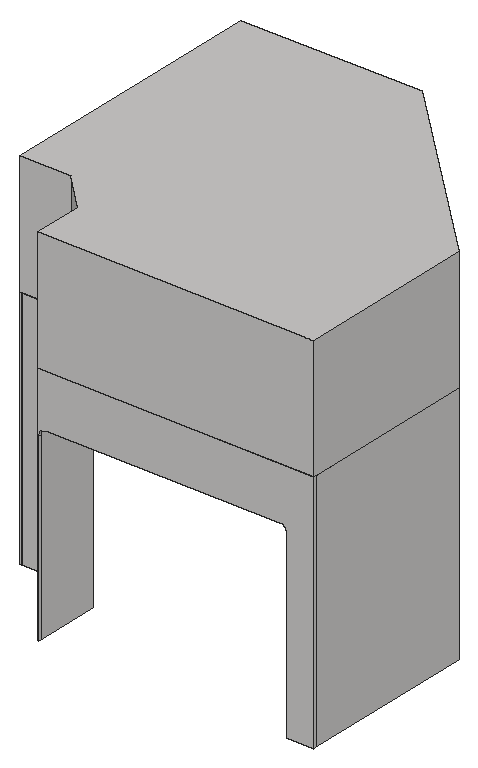
Revit family "QF_ELECTROLUXPROFESSIONAL_534059_NMHSDRE56", category Specialty Equipment, Revit 2018
Family settings
  Round Connector Dimension = Use Diameter
  Part Type = Normal
  Work Plane-Based = No
  Always vertical = Yes
  Cut with Voids When Loaded = No
  Shared = No
  Room Calculation Point = No
Parameters (values of type "QF_ELECTROLUX_534059_NMHSDRE56")
  Weight = 52.00 kg
  Watts = 0 W
  Volts = 380 V
  URL Manufacturer = "http://professional.electrolux.com"
  URL = "http://professional.electrolux.com"
  Steam Supply Size = 0 mm
  Steam Supply Minimum Pressure = 0.0 Pa
  Steam Supply Maximum Pressure = 0.0 Pa
  Steam Pounds per Hour = 0
  Show Clearance [instance] = yes
  Refrigeration Suction Line Size = 0 mm
  Refrigeration Liquid Line Size = 0 mm
  Refrigerant Compressor Remote = yes
  Manufacturer = "Electrolux"
  Phase = 3
  Model = "NMHSDRE56"
  Length Actual = 560 mm  # constant formula
  Item Number = "534059"
  Hot Water Size = 0 mm
  Height Actual = 1130 mm  # constant formula
  HP = "5.9 HP"
  Gas Size = 0 mm
  Gas KW = 0
  Gas Input Pressure = 0 W
  Direct Waste Size = 50 mm
  Description = "MEDIUM HOT AIR BLOWER WITHOUT DOOR,ELEC."
  Depth Actual = 795 mm  # constant formula
  Cycle = 60 Hz
  Condensate Return Size = 0 mm
  Compressed Air Volume = 0.0 L/s
  Compressed Air Size = 0 mm
  Compressed Air Pressure = 0.0 Pa
  Cold Water Size = 0 mm
  Accessory = yes
Types (2, lengths in mm): name | URL | Manufacturer | Phase | Model | Description
  (no name) | 0 | 0 | 0 | 0 | 0
  QF_ELECTROLUX_534059_NMHSDRE56 | "http://professional.electrolux.com" | "Electrolux" | 3 | "NMHSDRE56" | "MEDIUM HOT AIR BLOWER WITHOUT DOOR,ELEC."
Values of the unnamed type that differ from the named types
  Volts = 0 V
  URL Manufacturer = ""
  Item Number = ""
  Cycle = 0 Hz
Reference planes
  plane 1: z = 0
  plane 2 "LEFT": x = 13.437
  plane 3 "RIGHT": y = -488.742
  plane 4: z = 150
  plane 5 "TOP": z = 2020
  plane 6: x = 885.437
  plane 7: y = 383.258
  plane 8: y = -16.742
  plane 9: x = 485.437
Forms (mm)
  Extrusion 1, solid, material "QF_Clearance", visible <- "Show Clearance", detail levels coarse
    sketch origin (0, 0, 0) x (1, 0, 0) y (0, 1, 0)
      loop
        line (13.437, 383.258) -> (447.937, 383.258) -> (885.437, -54.242) -> (885.437, -488.742) -> (935.437, -488.742) -> (935.437, -33.531) -> (468.648, 433.258) -> (13.437, 433.258) -> (13.437, 383.258)
    from 908 to 1785
  Extrusion 2, solid, material "QF_Finishes_Stainless Steel"
    sketch origin (13.437, 479.936, 4000) x (0, 1, 0) y (0, 0, 1)
      loop
        line (-96.678, -2507) -> (-760.678, -2507) -> (-760.678, -3092) -> (-756.678, -3092) -> (-756.678, -2652.201)
        arc (-756.678, -2652.201) -> (-751.64, -2640.038) -> (-739.477, -2635) r 17.201
        line (-739.477, -2635) -> (-178.879, -2635)
        arc (-178.879, -2635) -> (-166.716, -2640.038) -> (-161.678, -2652.201) r 17.201
        line (-161.678, -2652.201) -> (-161.678, -3092) -> (-96.678, -3092) -> (-96.678, -2507)
    from 5 to 0
  Extrusion 3, solid, material "QF_Finishes_Stainless Steel"
    sketch origin (4267.2, 921.037, 2020) x (1, 0, 0) y (0, -1, 0)
      loop
        line (-3819.263, 537.779) -> (-3381.763, 975.279) -> (-3381.763, 1409.779) -> (-4045.763, 1409.779) -> (-4045.763, 1287.779) -> (-4131.763, 1201.779) -> (-4253.763, 1201.779) -> (-4253.763, 537.779) -> (-3819.263, 537.779)
    from 235 to 527
  Extrusion 4, solid, material "QF_Finishes_Stainless Steel"
    sketch origin (4267.2, -1348.327, 874) x (0, -1, 0) y (1, 0, 0)
      loop
        line (-1731.585, -3819.263) -> (-1731.585, -4248.763) -> (-1666.585, -4248.763) -> (-1666.585, -3845.687) -> (-1267.661, -3446.763) -> (-864.585, -3446.763) -> (-864.585, -3381.763) -> (-1294.085, -3381.763) -> (-1731.585, -3819.263)
      loop
        line (-1067.585, -4248.763) -> (-1067.585, -4131.763) -> (-981.585, -4045.763) -> (-864.585, -4045.763) -> (-864.585, -4041.763) -> (-1021.204, -4041.763) -> (-1071.585, -4092.144) -> (-1071.585, -4248.763) -> (-1067.585, -4248.763)
    from 34 to 619
  Extrusion 5, solid, material "QF_Finishes_Stainless Steel"
    sketch origin (982.115, -488.742, 4000) x (1, 0, 0) y (0, 0, 1)
      loop
        line (-96.678, -2507) -> (-760.678, -2507) -> (-760.678, -3092) -> (-756.678, -3092) -> (-756.678, -2652.201)
        arc (-756.678, -2652.201) -> (-751.64, -2640.038) -> (-739.477, -2635) r 17.201
        line (-739.477, -2635) -> (-178.879, -2635)
        arc (-178.879, -2635) -> (-166.716, -2640.038) -> (-161.678, -2652.201) r 17.201
        line (-161.678, -2652.201) -> (-161.678, -3092) -> (-96.678, -3092) -> (-96.678, -2507)
    from -5 to 0
Lines and regions (mm)
  symbolic lines
    curve 1: line (221.437, -488.742, 0) -> (885.437, -488.742, 0)
    curve 2: line (885.437, -54.242, 0) -> (885.437, -488.742, 0)
    curve 3: line (885.437, -488.742, 0) -> (221.437, -488.742, 0)
    curve 4: line (13.437, 318.258, 0) -> (421.513, 318.258, 0)
    curve 5: line (421.513, 318.258, 0) -> (820.437, -80.666, 0)
    curve 6: line (820.437, -80.666, 0) -> (820.437, -488.742, 0)
    curve 10: line (447.937, 383.258, 0) -> (13.437, 383.258, 0)
    curve 11: line (885.437, -54.242, 0) -> (447.937, 383.258, 0)
    curve 12: line (13.437, 383.258, 0) -> (13.437, -280.742, 0)
    curve 13: line (13.437, -280.742, 0) -> (135.437, -280.742, 0)
    curve 14: line (135.437, -280.742, 0) -> (221.437, -366.742, 0)
    curve 15: line (221.437, -366.742, 0) -> (221.437, -488.742, 0)
    curve 16: line (13.437, -16.742, 0) -> (63.437, -16.742, 0)
    curve 17: line (485.437, -488.742, 0) -> (485.437, -438.742, 0)
  symbolic lines, style "QF_Clearances", visible <- "Show Clearance", detail levels coarse
    curve 7: line (13.437, 433.258, 0) -> (468.648, 433.258, 0)
    curve 8: line (468.648, 433.258, 0) -> (935.437, -33.531, 0)
    curve 9: line (935.437, -33.531, 0) -> (935.437, -488.742, 0)
Dimensions and locks
  plane 4 to level = 150 mm
  Extrusion 1 to level = 908 mm
  aligned and locked: level to plane 1
